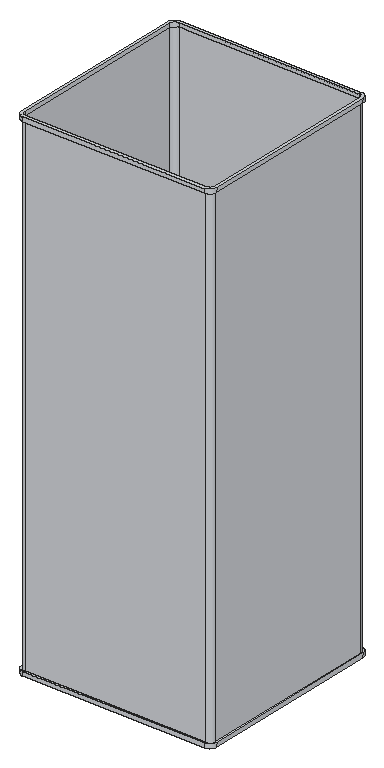
Revit family "AX8930-100L_0002", category Modèles génériques, Revit 2016
Family settings
  Hôte = Sol
  Type d'élément = Normal
  Peut héberger une armature = Non
  Cote de connecteur circulaire = Utiliser le diamètre
  Basée sur le plan de construction = Non
  Toujours verticalement = Oui
  Couper avec des vides une fois chargée = Non
  Partagée = Non
  Point de calcul de pièce = Non
Parameters
  URL = "https://www.axeuro.com/fr/accueil/26199-poubelle-ax8930-100l.html"
  Type de produit / Type of product = "Poubelle / Waste receptacle"  # constant formula
  Référence / Reference = "AX8930-100L"  # constant formula
  Model = ""
  Manufacturer = ""
  Entreprise / Company = "Axeuro"  # constant formula
  Description = ""
Reference planes
  plane 1 "Centre (avant/arrière)": y = 0
  plane 2: z = 0
  plane 3 "Centre (gauche/droite)": x = 0
Forms (mm)
  Extrusion 1, solid
    sketch origin (489.422, 120.186, 0) x (1, 0, 0) y (0, 1, 0)
      loop
        line (-328.124, 51.814) -> (-650.72, 51.814)
        arc (-650.72, 51.814) -> (-658.288, 48.68) -> (-661.422, 41.112) r 10.702
        line (-661.422, 41.112) -> (-661.422, -281.483)
        arc (-661.422, -281.483) -> (-658.288, -289.051) -> (-650.72, -292.186) r 10.702
        line (-650.72, -292.186) -> (-328.124, -292.186)
        arc (-328.124, -292.186) -> (-320.557, -289.051) -> (-317.422, -281.483) r 10.702
        line (-317.422, -281.483) -> (-317.422, 41.112)
        arc (-317.422, 41.112) -> (-320.557, 48.68) -> (-328.124, 51.814) r 10.702
      loop
        line (-659.722, 41.112) -> (-659.722, -281.483)
        arc (-659.722, -281.483) -> (-657.086, -287.849) -> (-650.72, -290.486) r 9.002
        line (-650.72, -290.486) -> (-328.124, -290.486)
        arc (-328.124, -290.486) -> (-321.759, -287.849) -> (-319.122, -281.483) r 9.002
        line (-319.122, -281.483) -> (-319.122, 41.112)
        arc (-319.122, 41.112) -> (-321.759, 47.478) -> (-328.124, 50.114) r 9.002
        line (-328.124, 50.114) -> (-650.72, 50.114)
        arc (-650.72, 50.114) -> (-657.086, 47.478) -> (-659.722, 41.112) r 9.002
    from 10 to 893
  Extrusion 2, solid
    sketch origin (0, 0, 3) x (1, 0, 0) y (0, 1, 0)
      loop
        line (-175, 163.013) -> (-175, -163.013)
        arc (-175, -163.013) -> (-171.489, -171.489) -> (-163.013, -175) r 11.987
        line (-163.013, -175) -> (163.013, -175)
        arc (163.013, -175) -> (171.489, -171.489) -> (175, -163.013) r 11.987
        line (175, -163.013) -> (175, 163.013)
        arc (175, 163.013) -> (171.489, 171.489) -> (163.013, 175) r 11.987
        line (163.013, 175) -> (-163.013, 175)
        arc (-163.013, 175) -> (-171.489, 171.489) -> (-175, 163.013) r 11.987
    from 0 to 7
  Extrusion 3, solid
    sketch origin (0, 0, 893) x (1, 0, 0) y (0, 1, 0)
      loop
        line (-175, 163.013) -> (-175, -163.013)
        arc (-175, -163.013) -> (-171.489, -171.489) -> (-163.013, -175) r 11.987
        line (-163.013, -175) -> (163.013, -175)
        arc (163.013, -175) -> (171.489, -171.489) -> (175, -163.013) r 11.987
        line (175, -163.013) -> (175, 163.013)
        arc (175, 163.013) -> (171.489, 171.489) -> (163.013, 175) r 11.987
        line (163.013, 175) -> (-163.013, 175)
        arc (-163.013, 175) -> (-171.489, 171.489) -> (-175, 163.013) r 11.987
      loop
        arc (170.3, 161.298) -> (167.663, 167.663) -> (161.298, 170.3) r 9.002
        line (161.298, 170.3) -> (-161.298, 170.3)
        arc (-161.298, 170.3) -> (-167.663, 167.663) -> (-170.3, 161.298) r 9.002
        line (-170.3, 161.298) -> (-170.3, -161.298)
        arc (-170.3, -161.298) -> (-167.663, -167.663) -> (-161.298, -170.3) r 9.002
        line (-161.298, -170.3) -> (161.298, -170.3)
        arc (161.298, -170.3) -> (167.663, -167.663) -> (170.3, -161.298) r 9.002
        line (170.3, -161.298) -> (170.3, 161.298)
    from 0 to 7
  Blend 4, solid
    base sketch origin (-29.583, 29.759, 0) x (1, 0, 0) y (0, 1, 0)
      loop
        circle (-95.417, 95.241) r 12
    top sketch origin (-29.583, 29.759, 0) x (1, 0, 0) y (0, 1, 0)
      loop
        circle (-95.417, 95.241) r 8
    from 10 to 0
  Blend 5, solid
    base sketch origin (220.417, 29.759, 0) x (1, 0, 0) y (0, 1, 0)
      loop
        circle (-95.417, 95.241) r 12
    top sketch origin (220.417, 29.759, 0) x (1, 0, 0) y (0, 1, 0)
      loop
        circle (-95.417, 95.241) r 8
    from 10 to 0
  Blend 6, solid
    base sketch origin (-29.583, -220.241, 0) x (1, 0, 0) y (0, 1, 0)
      loop
        circle (-95.417, 95.241) r 12
    top sketch origin (-29.583, -220.241, 0) x (1, 0, 0) y (0, 1, 0)
      loop
        circle (-95.417, 95.241) r 8
    from 10 to 0
  Blend 7, solid
    base sketch origin (220.417, -220.241, 0) x (1, 0, 0) y (0, 1, 0)
      loop
        circle (-95.417, 95.241) r 12
    top sketch origin (220.417, -220.241, 0) x (1, 0, 0) y (0, 1, 0)
      loop
        circle (-95.417, 95.241) r 8
    from 10 to 0
Dimensions and locks
  aligned and locked: level to plane 2
